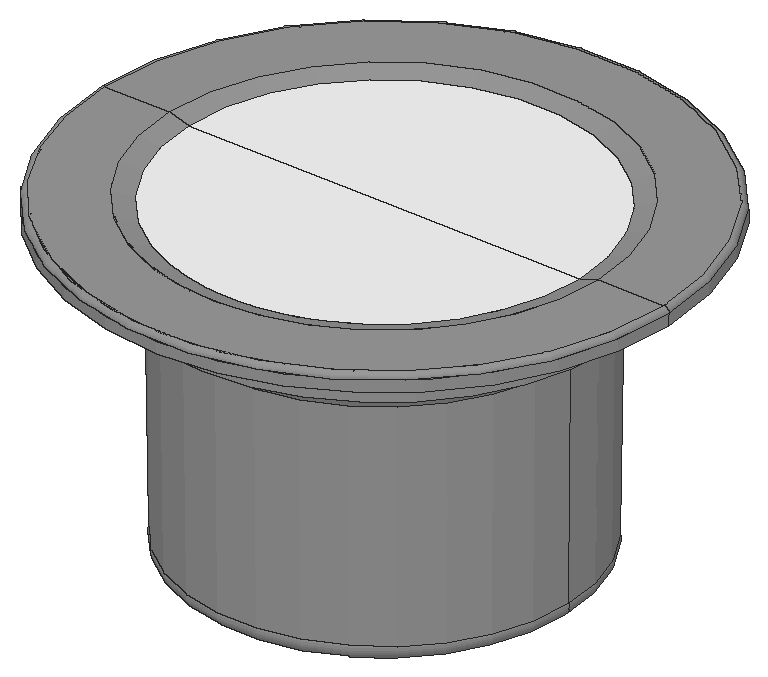
Revit family "0005255", category Lighting Fixtures, host Face, Revit 2017
Family settings
  Host = Face
  Round Connector Dimension = Use Diameter
  Part Type = Normal
  OmniClass Number = 23.80.70.00
  OmniClass Title = Lighting
  Cut with Voids When Loaded = No
  Light Source = Yes
  Shared = No
  Room Calculation Point = No
Parameters (values of type "0005255 YH SPT HO 880LM 3-CCT DIM IP44 WH 2700K")
  Weight = "0.96 kg"
  Wattage Comments = ""
  Wattage = 9 W
  WarrantyStartDate [instance] = "n/a"
  WarrantyGuarantorParts = "n/a"
  WarrantyDurationUnit = "n/a"
  WarrantyDurationParts = "n/a"
  WarrantyDescription = "n/a"
  built-in parameter 1150110 = 1 (stored number, unit not read)
  Voltage = 0 V
  URL = "http://www.sylvania-lighting.com"
  TypeName = "YOURHOME SPOT HO 880LM 3-CCT DIM IP44 WH"
  Type Image = <None>
  Type Comments = "n/a"
  built-in parameter 1114217 = 1 (stored number, unit not read)
  Tilt Angle = -90.00°
  built-in parameter 1150109 = 1 (stored number, unit not read)
  built-in parameter 1150134 = 12
  built-in parameter 1150113 = 1 (stored number, unit not read)
  SerialNumber [instance] = "n/a"
  Photometric Web File = "0005255_2700.ies"
  Material_3_SYL = none
  PowerFactor = 0.9
  PowerConsumption = "9 W"
  NominalLength = 105 mm
  NominalHeight = 58 mm
  NominalDepth = 105 mm
  Name = "YOURHOME SPOT HO 880LM 3-CCT DIM IP44 WH"
  ModelReference = Name  # "YOURHOME SPOT HO 880LM 3-CCT DIM IP44 WH"
  ModelNumber = "0005255"
  Model = Name  # "YOURHOME SPOT HO 880LM 3-CCT DIM IP44 WH"
  Material = "pc polycarbonate housing, pc polycarbonate diffuser"
  ManufacturerName = "Feilo Sylvania"
  Manufacturer = "Feilo Sylvania"
  LuminousEfficacy = "98 lm/W"
  built-in parameter 1150105 = 1123.7 (stored number, unit not read)
  Lumens = 882 lm
  LuminaireType = ""
  built-in parameter 1150115 = 1 (stored number, unit not read)
  LightOutputRatio = "n/a"
  built-in parameter 1150137 = (empty or 0)
  built-in parameter 1150139 = (empty or 0)
  LampsType = Lamp  # "LED"
  LampNominalLuminous = "880 lm"
  LampMacAdamStep = "6"
  LampColourTemperature = "2700 K"
  LampColourRenderingIndex = "80"
  built-in parameter 1150112 = 1 (stored number, unit not read)
  built-in parameter 1150114 = 1 (stored number, unit not read)
  Lamp = "LED"
  Keynote = "16500"
  InstallationDate [instance] = "n/a"
  InputVoltage = "n/a"
  InputNominalFrequency = "n/a"
  built-in parameter 1150132 = (empty or 0)
  built-in parameter 1150102 = (empty or 0)
  built-in parameter 1150107 = 4000 (stored number, unit not read)
  built-in parameter 1150138 = (empty or 0)
  IngressProtection = "IP44/20"
  ImpactProtectionIndex = "IK03"
  built-in parameter 1150106 = 11.237 (stored number, unit not read)
  IfcExportType = "IfcLightFixtureType"
  IfcExportAs = "IfcLightFixtureType"
  HEIGHT_SYL = 58 mm
  Emit from Circle Diameter = 54 mm
  Emit Shape Visible in Rendering = no
  ElectricShockClassification = "Class II"
  built-in parameter 1150104 = 9.1045 (stored number, unit not read)
  DocumentationLiterature = "http://www.sylvania-lighting.com/product/en-int/products/0005255"
  DimmingControlOptions = "n/a"
  Material_2_SYL = Diffuser-Sylvania
  Dimming Lamp Color Temperature Shift = <None>
  Description = "Integrated LED recessed spotlight, vertical tilt 30°, RAL9016 colour, 880lm, 9.0W, phase dimmable, 2700K/3000K/4000K, 38° degree beam angle, polycarbonate white body, low profile 58mm recessed depth, IP44 from the front, IK03, loop-in/loop-out terminals for fast wiring, 105mm bezel diameter, xxxx mm cutout, diffuse lens. Additional silver bezel included in the packaging. Lifetime: 30.000 hours at L70. Energy Class: A++, A+, A."
  Default Elevation = 1219.2 mm
  CreatedOn = "2/26/2021"
  CreatedBy = "@sylvania-lighting.com"
  Cost = 0
  Color Filter = 16777215
  built-in parameter 1114216 [instance] = (empty or 0)
  ClassificationValue = "EF_70_80"
  ClassificationName = "Uniclass2015"
  Material_1_SYL = Plastic, Opaque White
  BarCode [instance] = "n/a"
  built-in parameter 1114218 = 1 (stored number, unit not read)
  built-in parameter 1150133 = 10 (stored number, unit not read)
  AssetType = "Fixed"
  AssetIdentifier [instance] = "n/a"
  Assembly Code = "D5020200"
  Apparent Load = 9 VA
  Material_4_SYL = none
  44_SYL = 52.5 mm
  35_SYL = 44 mm
  33_SYL = 42 mm
  31_SYL = 39.5 mm
  27_SYL = 36 mm
  26_SYL = 34.5 mm
  25_SYL = 34 mm
Types (3, lengths in mm): name | Photometric Web File | LampColourTemperature
  0005255 YH SPT HO 880LM 3-CCT DIM IP44 WH 4000K | "0005255_4000.ies" | "4000 K"
  0005255 YH SPT HO 880LM 3-CCT DIM IP44 WH 3000K | "0005255_3000.ies" | "3000 K"
  0005255 YH SPT HO 880LM 3-CCT DIM IP44 WH 2700K | "0005255_2700.ies" | "2700 K"
Reference planes
  plane 1 "Center (Front/Back)": y = 0
  plane 2: z = 0
  plane 3 "Center (Left/Right)": x = 0
  plane 4: x = -44
  plane 5: z = -100
  plane 6: z = 3
  plane 7: x = -52.5
  plane 8: z = 2
  plane 9: x = -51.5
  plane 10: x = -39.5
  plane 11: x = -36
  plane 12: x = -42
  plane 13: z = -7.5
  plane 14: z = -9.5
  plane 15: x = -34.5
  plane 16: z = -12.5
  plane 17: z = -55
  plane 18: x = -34
Forms (mm)
  Revolve 1, void
    sketch origin (0, 0, 0) x (1, 0, 0) y (0, 0, 1)
      loop
        line (0, 0) -> (-44, 0) -> (-44, -100) -> (0, -100) -> (0, 0)
      axis (0, 0) -> (0, -100)
    angle from 360 to 0
  Revolve 2, solid, material "Plastic, Opaque White" <- "Material_1_SYL"
    sketch origin (0, 0, 0) x (1, 0, 0) y (0, 0, 1)
      loop
        line (0, 2) -> (-36, 2) -> (-39.5, 3) -> (-51.5, 3)
        arc (-51.5, 3) -> (-52.207, 2.707) -> (-52.5, 2) r 1
        line (-52.5, 2) -> (-52.5, 0) -> (-42, 0) -> (-42, -7.5) -> (-36, -7.5) -> (-36, -9.5) -> (-34.5, -12.5) -> (-34.031, -52.344)
        arc (-34.031, -52.344) -> (-33.694, -54.171) -> (-32.031, -55) r 2.081
        line (-32.031, -55) -> (0, -55) -> (0, 2)
      axis (0, 3) -> (0, -55)
    angle from 360 to 0
Lines and regions (mm)
  reference lines
    curve 1: line (-34, 0, -55) -> (-34.5, 0, -12.5)
Dimensions and locks
  "35_SYL": plane 3 "Center (Left/Right)" to plane 4
  locked: plane 2 to plane 5 at 100
  locked: plane 6 to plane 2 at 3
  "44_SYL": plane 3 "Center (Left/Right)" to plane 7
  locked: plane 6 to plane 8 at 1
  locked: plane 9 to plane 7 at 1
  "31_SYL": plane 3 "Center (Left/Right)" to plane 10
  "27_SYL": plane 3 "Center (Left/Right)" to plane 11
  "33_SYL": plane 3 "Center (Left/Right)" to plane 12
  locked: plane 2 to plane 13 at 7.5
  locked: plane 13 to plane 14 at 2
  "26_SYL": plane 3 "Center (Left/Right)" to plane 15
  locked: plane 14 to plane 16 at 3
  "HEIGHT_SYL": plane 6 to plane 17
  "25_SYL": plane 3 "Center (Left/Right)" to plane 18
  aligned and locked: plane 2 to host face
  aligned and locked: level to host face
  aligned and locked: Revolve 1 sketch curve to plane 3 "Center (Left/Right)"
  aligned and locked: level to Revolve 1 sketch curve
  aligned and locked: plane 3 "Center (Left/Right)" to Revolve 1 sketch curve
  aligned and locked: Revolve 1 sketch curve to plane 4
  aligned and locked: plane 5 to Revolve 1 sketch curve
  aligned and locked: plane 3 "Center (Left/Right)" to Revolve 2 sketch curve  (x2)
  aligned and locked: Revolve 2 sketch curve to plane 8
  aligned and locked: plane 6 to Revolve 2 sketch curve
  aligned and locked: Revolve 2 sketch curve to plane 7
  aligned and locked: Revolve 2 sketch curve to level
  aligned and locked: Revolve 2 sketch curve to plane 12
  aligned and locked: plane 13 to Revolve 2 sketch curve
  aligned and locked: plane 9 to Revolve 2 sketch curve
  aligned and locked: plane 8 to Revolve 2 sketch curve
  aligned and locked: plane 14 to Revolve 2 sketch curve
  aligned and locked: Revolve 2 sketch curve to plane 11
  aligned and locked: plane 15 to Revolve 2 sketch curve
  aligned and locked: plane 17 to Revolve 2 sketch curve
  aligned and locked: plane 18 to curve 1
  aligned and locked: plane 17 to curve 1
  aligned and locked: plane 16 to curve 1
  aligned and locked: plane 15 to curve 1
  aligned and locked: Revolve 2 sketch curve to curve 1
  aligned and locked: plane 3 "Center (Left/Right)" to imposter light
  aligned and locked: imposter light to plane 8
  aligned and locked: imposter light to plane 1 "Center (Front/Back)"
Automatic sketch dimensions
  host sketch curve to host sketch curve = 2438.4 mm  (x2)
  plane 5 to Revolve 1 sketch curve = 509.6 mm
  Revolve 1 sketch curve to plane 6 = 2606.058 mm
  Revolve 2 sketch curve to plane 10 = 0 mm
  Revolve 2 sketch curve to plane 11 = 0 mm
  Revolve 2 sketch curve to plane 3 "Center (Left/Right)" = 0 mm
  Revolve 2 sketch curve to plane 18 = 0.031 mm
  plane 18 to Revolve 2 sketch curve = 1.969 mm
  plane 5 to Revolve 2 sketch curve = 509.6 mm
  Revolve 2 sketch curve to plane 6 = 2606.058 mm
Connectors
  electrical at (0, 0, 0), driven by "Apparent Load", driven by "PowerFactor", driven by "Voltage"
    settings: index 1, voltage 0 V, apparent load 9 VA, apparent load phase1 0 VA, apparent load phase2 0 VA, apparent load phase3 0 VA, power factor 0.9, load classification "Lighting", number of poles 1, system type 30, power factor state 1, is connector primary yes, connector utility no, sub classification motor no, connector description ""
